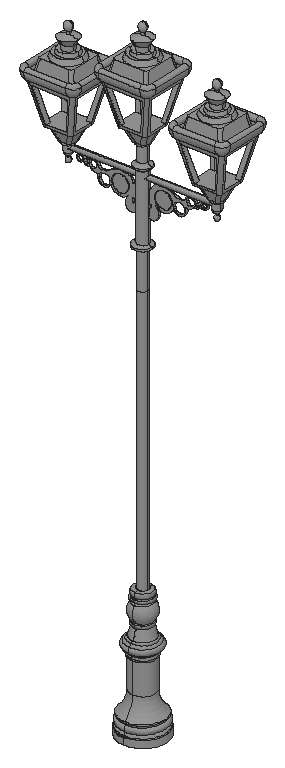
Revit family "Фонарь уличный «Адмирал - 3» со светильниками Арт 9813", category Антураж, Revit 2018
Family settings
  На основе рабочей плоскости = Нет
  Всегда вертикально = Да
  При загрузке вырезать с полостями = Нет
  Источник визуального образа = Геометрия семейства
  Общий = Нет
  Точка расчета площади = Нет
Parameters (values of type "Версия 4,0 м")
  Ширина = 360 mm  # constant formula
  Цвет основания = Сталь
  Описание = if([Версия 4,0 м], "Фонарь уличный «Адмирал - 3» со светильниками. Версия 4,0 м", if([Версия 4,5 м], "Фонарь уличный «Адмирал - 3» со светильниками. Версия 4,5 м", if([Версия 5,0 м], "Фонарь уличный «Адмирал - 3» со светильниками. Версия 5,0 м", if([Версия 5,5 м], "Фонарь уличный «Адмирал - 3» со светильниками. Версия 5,5 м", if([Версия 6,0 м], "Фонарь уличный «Адмирал - 3» со светильниками. Версия 6,0 м", "Фонарь уличный «Адмирал - 3» со светильниками. Версия 6,5 м")))))  # "Фонарь уличный «Адмирал - 3» со светильниками. Версия 4,0 м"
  Материал изделия = "Сталь, поликарбонат"  # constant formula
  Изображение типоразмера = Фонарь уличный «Адмирал - 3» со светильниками Арт 9813.jpg
  Изготовитель = "ООО «Хоббика»"  # constant formula
  Длина = 1300 mm  # constant formula
  Группа модели = "Светильники с чугунными опорами"  # constant formula
  Высота столба = Высота - 1500 mm  # 2500 mm
  Высота = if([Версия 4,0 м], 4000 mm, if([Версия 4,5 м], 4500 mm, if([Версия 5,0 м], 5000 mm, if([Версия 5,5 м], 5500 mm, if([Версия 6,0 м], 6000 mm, 6500 mm)))))  # 4000 mm
  Версия 6,0 м = no
  Версия 5,5 м = no
  Версия 5,0 м = no
  Версия 4,5 м = no
  Версия 4,0 м = yes
  Артикул товара = "Арт. 9813"  # constant formula
  URL = "https://hobbyka.ru/product/fonar_ulichnyy_admiral_3_so_svetilnikami/"
Reference planes
  plane 1 "По центру (Вперед/Назад)": y = 0
  plane 2: z = 0
  plane 3 "По центру (Влево/Вправо)": x = 0
  plane 4: x = 650
  plane 5: x = -650
  plane 6: y = 180
  plane 7: y = -180
  plane 8: z = 4000
Forms (mm)
  Extrusion 1, solid, material "Сталь" <- "Цвет основания"
    sketch origin (0, 0, 0) x (1, 0, 0) y (0, 1, 0)
      loop
        circle (0, 0) r 30
    from 814.824 to 2500 <- "Высота столба"
Dimensions and locks
  equal spacing: plane 6, plane 1 "По центру (Вперед/Назад)", plane 7
  "Ширина": plane 6 to plane 7
  equal spacing: plane 5, plane 3 "По центру (Влево/Вправо)", plane 4
  "Длина": plane 5 to plane 4
  "Высота": plane 8 to level
  aligned and locked: level to plane 2
  aligned and locked: plane 8 to nested 1
Automatic sketch dimensions
  Extrusion 1 sketch curve to Extrusion 1 sketch curve = 0 mm  (x2)
  plane 1 "По центру (Вперед/Назад)" to Extrusion 1 sketch curve = 0 mm
  Extrusion 1 sketch curve to plane 3 "По центру (Влево/Вправо)" = 0 mm
  Extrusion 1 sketch curve to plane 3 "По центру (Влево/Вправо)" = 30 mm
Nested families
  nested 1: "Фонарь уличный «Адмирал - 3» со светильниками Светильник" at (0, 0, 2677.626), type "Фонарь уличный «Адмирал - 3» со светильниками Светильник"
  nested 2: "Фонарь уличный «Адмирал - 1» со светильником Арт 7467 опора" at (0, 0, 0), type "Фонарь уличный «Адмирал - 1» со светильником Арт 7467 опора"
Definition of nested family "Фонарь уличный «Адмирал - 3» со светильниками Светильник"
  Parameters (values of type "Фонарь уличный «Адмирал - 3» со светильниками Светильник")
    Цвет каркаса = none
    Height = 0 mm
    Lkbyf = 1300 mm
  Reference planes
    plane 1 "По центру (Вперед/Назад)": y = 0
    plane 2: z = 0
    plane 3 "По центру (Влево/Вправо)": x = 0
    plane 4: x = -650
    plane 5: x = 650
    plane 6: z = 1322.374
  Forms (mm)
    Extrusion 1, solid, material <- "Цвет каркаса"
      sketch origin (-614.071, 0, 0) x (1, 0, 0) y (0, 1, 0)
        loop
          circle (147.289, 0) r 25
      from 434.753 to 484.979
    Sweep 2, solid, material <- "Цвет каркаса"
      path origin (0, 0, 0) x (1, 0, 0) y (0, 0, 1)
        loop
          line (-462.206, 459.979) -> (462.794, 459.979)
      profile origin (0.294, 0, 459.979) x (0, 0, 1) y (0, -1, 0)
        loop
          circle (0, 0) r 15
    Blend 3, solid, material <- "Цвет каркаса"
      base sketch origin (-94.071, 0, 0) x (1, 0, 0) y (0, 1, 0)
        loop
          arc (-442.711, 90) -> (-456.853, 84.142) -> (-462.711, 70) r 20
          line (-462.711, 70) -> (-462.711, -70)
          arc (-462.711, -70) -> (-456.853, -84.142) -> (-442.711, -90) r 20
          line (-442.711, -90) -> (-302.711, -90)
          arc (-302.711, -90) -> (-288.569, -84.142) -> (-282.711, -70) r 20
          line (-282.711, -70) -> (-282.711, 70)
          arc (-282.711, 70) -> (-288.569, 84.142) -> (-302.711, 90) r 20
          line (-302.711, 90) -> (-442.711, 90)
      top sketch origin (-94.071, 0, 0) x (1, 0, 0) y (0, 1, 0)
        loop
          arc (-502.711, 150) -> (-516.853, 144.142) -> (-522.711, 130) r 20
          line (-522.711, 130) -> (-522.711, -130)
          arc (-522.711, -130) -> (-516.853, -144.142) -> (-502.711, -150) r 20
          line (-502.711, -150) -> (-242.711, -150)
          arc (-242.711, -150) -> (-228.569, -144.142) -> (-222.711, -130) r 20
          line (-222.711, -130) -> (-222.711, 130)
          arc (-222.711, 130) -> (-228.569, 144.142) -> (-242.711, 150) r 20
          line (-242.711, 150) -> (-502.711, 150)
      from 580.468 to 847.079
    Extrusion 4, solid, material <- "Цвет каркаса"
      sketch origin (-94.071, 0, 0) x (1, 0, 0) y (0, 1, 0)
        loop
          circle (-372.711, 0) r 40
      from 484.979 to 496.04
    Blend 5, solid, material <- "Цвет каркаса"
      base sketch origin (-94.071, 0, 0) x (1, 0, 0) y (0, 1, 0)
        loop
          arc (-392.711, 40) -> (-406.853, 34.142) -> (-412.711, 20) r 20
          line (-412.711, 20) -> (-412.711, -20)
          arc (-412.711, -20) -> (-406.853, -34.142) -> (-392.711, -40) r 20
          line (-392.711, -40) -> (-352.711, -40)
          arc (-352.711, -40) -> (-338.569, -34.142) -> (-332.711, -20) r 20
          line (-332.711, -20) -> (-332.711, 20)
          arc (-332.711, 20) -> (-338.569, 34.142) -> (-352.711, 40) r 20
          line (-352.711, 40) -> (-392.711, 40)
      top sketch origin (-94.071, 0, 0) x (1, 0, 0) y (0, 1, 0)
        loop
          arc (-427.711, 75) -> (-441.853, 69.142) -> (-447.711, 55) r 20
          line (-447.711, 55) -> (-447.711, -55)
          arc (-447.711, -55) -> (-441.853, -69.142) -> (-427.711, -75) r 20
          line (-427.711, -75) -> (-317.711, -75)
          arc (-317.711, -75) -> (-303.569, -69.142) -> (-297.711, -55) r 20
          line (-297.711, -55) -> (-297.711, 55)
          arc (-297.711, 55) -> (-303.569, 69.142) -> (-317.711, 75) r 20
          line (-317.711, 75) -> (-427.711, 75)
      from 496.04 to 580.468
    Extrusion 6, void
      sketch origin (-94.071, 0, 0) x (1, 0, 0) y (0, 0, 1)
        loop
          line (-487.711, 824.979) -> (-437.711, 594.979) -> (-307.711, 594.979) -> (-257.711, 824.979) -> (-487.711, 824.979)
      from -150 to 150
    Extrusion 7, void
      sketch origin (-614.071, 520, 0) x (0, 1, 0) y (0, 0, 1)
        loop
          line (-635, 824.979) -> (-585, 594.979) -> (-455, 594.979) -> (-405, 824.979) -> (-635, 824.979)
      from -4.397 to 297.289
    Sweep 8, solid, material <- "Цвет каркаса"
      path origin (-94.071, 0, 0) x (1, 0, 0) y (0, 1, 0)
        loop
          line (-242.711, 150) -> (-502.711, 150)
          arc (-502.711, 150) -> (-516.853, 144.142) -> (-522.711, 130) r 20
          line (-522.711, 130) -> (-522.711, -130)
          arc (-522.711, -130) -> (-516.853, -144.142) -> (-502.711, -150) r 20
          line (-502.711, -150) -> (-242.711, -150)
          arc (-242.711, -150) -> (-228.569, -144.142) -> (-222.711, -130) r 20
          line (-222.711, -130) -> (-222.711, 130)
          arc (-222.711, 130) -> (-228.569, 144.142) -> (-242.711, 150) r 20
      profile origin (-616.781, 0, 0) x (1, 0, 0) y (0, 0, 1)
        loop
          arc (-33.219, 907.974) -> (-26.14, 872.327) -> (0, 847.079) r 60.827
          line (0, 847.079) -> (2.794, 847.079)
          arc (2.794, 847.079) -> (-9.841, 867.165) -> (-13.358, 890.634) r 57.9
          arc (-13.358, 890.634) -> (-4.209, 921.156) -> (-33.219, 907.974) r 17.5
    Blend 9, solid, material <- "Цвет каркаса"
      base sketch origin (-94.071, 0, 0) x (1, 0, 0) y (0, 1, 0)
        loop
          line (-257.711, 132.206) -> (-487.711, 132.206)
          arc (-487.711, 132.206) -> (-499.877, 127.166) -> (-504.916, 115) r 17.206
          line (-504.916, 115) -> (-504.916, -115)
          arc (-504.916, -115) -> (-499.877, -127.166) -> (-487.711, -132.206) r 17.206
          line (-487.711, -132.206) -> (-257.711, -132.206)
          arc (-257.711, -132.206) -> (-245.545, -127.166) -> (-240.505, -115) r 17.206
          line (-240.505, -115) -> (-240.505, 115)
          arc (-240.505, 115) -> (-245.545, 127.166) -> (-257.711, 132.206) r 17.206
      top sketch origin (-94.071, 0, 0) x (1, 0, 0) y (0, 1, 0)
        loop
          line (-282.711, 107.206) -> (-462.711, 107.206)
          arc (-462.711, 107.206) -> (-474.877, 102.166) -> (-479.916, 90) r 17.206
          line (-479.916, 90) -> (-479.916, -90)
          arc (-479.916, -90) -> (-474.877, -102.166) -> (-462.711, -107.206) r 17.206
          line (-462.711, -107.206) -> (-282.711, -107.206)
          arc (-282.711, -107.206) -> (-270.545, -102.166) -> (-265.505, -90) r 17.206
          line (-265.505, -90) -> (-265.505, 90)
          arc (-265.505, 90) -> (-270.545, 102.166) -> (-282.711, 107.206) r 17.206
      from 847.079 to 964.043
    Revolve 10, solid, material <- "Цвет каркаса"
      sketch origin (-94.071, 0, 0) x (1, 0, 0) y (0, 0, 1)
        loop
          line (-372.711, 1164.043) -> (-372.711, 964.043) -> (-274.108, 964.043) -> (-287.112, 989.887) -> (-307.112, 989.887) -> (-312.288, 1009.205) -> (-337.288, 1009.205) -> (-337.288, 1039.205) -> (-311.477, 1076.067) -> (-363.16, 1094.878) -> (-363.16, 1109.878)
          arc (-363.16, 1109.878) -> (-350.242, 1140.08) -> (-372.711, 1164.043) r 30.03
        axis (-372.711, 964.043) -> (-372.711, 1164.043)
      angle from 0 to 360
    Blend 11, solid, material <- "Цвет каркаса", not visible
      base sketch origin (0, 0, 0) x (1, 0, 0) y (0, 1, 0)
        loop
          arc (-590, 90) -> (-604.142, 84.142) -> (-610, 70) r 20
          line (-610, 70) -> (-610, -70)
          arc (-610, -70) -> (-604.142, -84.142) -> (-590, -90) r 20
          line (-590, -90) -> (-450, -90)
          arc (-450, -90) -> (-435.858, -84.142) -> (-430, -70) r 20
          line (-430, -70) -> (-430, 70)
          arc (-430, 70) -> (-435.858, 84.142) -> (-450, 90) r 20
          line (-450, 90) -> (-590, 90)
      top sketch origin (0, 0, 0) x (1, 0, 0) y (0, 1, 0)
        loop
          arc (-650, 150) -> (-664.142, 144.142) -> (-670, 130) r 20
          line (-670, 130) -> (-670, -130)
          arc (-670, -130) -> (-664.142, -144.142) -> (-650, -150) r 20
          line (-650, -150) -> (-390, -150)
          arc (-390, -150) -> (-375.858, -144.142) -> (-370, -130) r 20
          line (-370, -130) -> (-370, 130)
          arc (-370, 130) -> (-375.858, 144.142) -> (-390, 150) r 20
          line (-390, 150) -> (-650, 150)
      from 580.468 to 847.079
    Extrusion 12, solid, material <- "Цвет каркаса", not visible
      sketch origin (0, 0, 0) x (1, 0, 0) y (0, 1, 0)
        loop
          circle (-520, 0) r 40
      from 484.979 to 496.04
    Blend 13, solid, material <- "Цвет каркаса", not visible
      base sketch origin (0, 0, 0) x (1, 0, 0) y (0, 1, 0)
        loop
          arc (-540, 40) -> (-554.142, 34.142) -> (-560, 20) r 20
          line (-560, 20) -> (-560, -20)
          arc (-560, -20) -> (-554.142, -34.142) -> (-540, -40) r 20
          line (-540, -40) -> (-500, -40)
          arc (-500, -40) -> (-485.858, -34.142) -> (-480, -20) r 20
          line (-480, -20) -> (-480, 20)
          arc (-480, 20) -> (-485.858, 34.142) -> (-500, 40) r 20
          line (-500, 40) -> (-540, 40)
      top sketch origin (0, 0, 0) x (1, 0, 0) y (0, 1, 0)
        loop
          arc (-575, 75) -> (-589.142, 69.142) -> (-595, 55) r 20
          line (-595, 55) -> (-595, -55)
          arc (-595, -55) -> (-589.142, -69.142) -> (-575, -75) r 20
          line (-575, -75) -> (-465, -75)
          arc (-465, -75) -> (-450.858, -69.142) -> (-445, -55) r 20
          line (-445, -55) -> (-445, 55)
          arc (-445, 55) -> (-450.858, 69.142) -> (-465, 75) r 20
          line (-465, 75) -> (-575, 75)
      from 496.04 to 580.468
    Extrusion 14, void, not visible
      sketch origin (0, 0, 0) x (1, 0, 0) y (0, 0, 1)
        loop
          line (-635, 824.979) -> (-585, 594.979) -> (-455, 594.979) -> (-405, 824.979) -> (-635, 824.979)
      from -150 to 150
    Extrusion 15, void, not visible
      sketch origin (-520, 520, 0) x (0, 1, 0) y (0, 0, 1)
        loop
          line (-635, 824.979) -> (-585, 594.979) -> (-455, 594.979) -> (-405, 824.979) -> (-635, 824.979)
      from -150 to 150
    Sweep 16, solid, material <- "Цвет каркаса", not visible
      path origin (0, 0, 0) x (1, 0, 0) y (0, 1, 0)
        loop
          line (-390, 150) -> (-650, 150)
          arc (-650, 150) -> (-664.142, 144.142) -> (-670, 130) r 20
          line (-670, 130) -> (-670, -130)
          arc (-670, -130) -> (-664.142, -144.142) -> (-650, -150) r 20
          line (-650, -150) -> (-390, -150)
          arc (-390, -150) -> (-375.858, -144.142) -> (-370, -130) r 20
          line (-370, -130) -> (-370, 130)
          arc (-370, 130) -> (-375.858, 144.142) -> (-390, 150) r 20
      profile origin (-670, 0, 0) x (1, 0, 0) y (0, 0, 1)
        loop
          arc (-33.219, 907.974) -> (-26.14, 872.327) -> (0, 847.079) r 60.827
          line (0, 847.079) -> (2.794, 847.079)
          arc (2.794, 847.079) -> (-9.841, 867.165) -> (-13.358, 890.634) r 57.9
          arc (-13.358, 890.634) -> (-4.209, 921.156) -> (-33.219, 907.974) r 17.5
    Blend 17, solid, material <- "Цвет каркаса", not visible
      base sketch origin (0, 0, 0) x (1, 0, 0) y (0, 1, 0)
        loop
          line (-405, 132.206) -> (-635, 132.206)
          arc (-635, 132.206) -> (-647.166, 127.166) -> (-652.206, 115) r 17.206
          line (-652.206, 115) -> (-652.206, -115)
          arc (-652.206, -115) -> (-647.166, -127.166) -> (-635, -132.206) r 17.206
          line (-635, -132.206) -> (-405, -132.206)
          arc (-405, -132.206) -> (-392.834, -127.166) -> (-387.794, -115) r 17.206
          line (-387.794, -115) -> (-387.794, 115)
          arc (-387.794, 115) -> (-392.834, 127.166) -> (-405, 132.206) r 17.206
      top sketch origin (0, 0, 0) x (1, 0, 0) y (0, 1, 0)
        loop
          line (-430, 107.206) -> (-610, 107.206)
          arc (-610, 107.206) -> (-622.166, 102.166) -> (-627.206, 90) r 17.206
          line (-627.206, 90) -> (-627.206, -90)
          arc (-627.206, -90) -> (-622.166, -102.166) -> (-610, -107.206) r 17.206
          line (-610, -107.206) -> (-430, -107.206)
          arc (-430, -107.206) -> (-417.834, -102.166) -> (-412.794, -90) r 17.206
          line (-412.794, -90) -> (-412.794, 90)
          arc (-412.794, 90) -> (-417.834, 102.166) -> (-430, 107.206) r 17.206
      from 847.079 to 964.043
    Revolve 18, solid, material <- "Цвет каркаса", not visible
      sketch origin (0, 0, 0) x (1, 0, 0) y (0, 0, 1)
        loop
          line (-520, 1164.043) -> (-520, 964.043) -> (-421.397, 964.043) -> (-434.401, 989.887) -> (-454.401, 989.887) -> (-459.577, 1009.205) -> (-484.577, 1009.205) -> (-484.577, 1039.205) -> (-458.766, 1076.067) -> (-510.449, 1094.878) -> (-510.449, 1109.878)
          arc (-510.449, 1109.878) -> (-497.531, 1140.08) -> (-520, 1164.043) r 30.03
        axis (-520, 964.043) -> (-520, 1164.043)
      angle from 0 to 360
    Blend 19, solid, material <- "Цвет каркаса"
      base sketch origin (520, 0, 158.332) x (1, 0, 0) y (0, 1, 0)
        loop
          arc (-590, 90) -> (-604.142, 84.142) -> (-610, 70) r 20
          line (-610, 70) -> (-610, -70)
          arc (-610, -70) -> (-604.142, -84.142) -> (-590, -90) r 20
          line (-590, -90) -> (-450, -90)
          arc (-450, -90) -> (-435.858, -84.142) -> (-430, -70) r 20
          line (-430, -70) -> (-430, 70)
          arc (-430, 70) -> (-435.858, 84.142) -> (-450, 90) r 20
          line (-450, 90) -> (-590, 90)
      top sketch origin (520, 0, 158.332) x (1, 0, 0) y (0, 1, 0)
        loop
          arc (-650, 150) -> (-664.142, 144.142) -> (-670, 130) r 20
          line (-670, 130) -> (-670, -130)
          arc (-670, -130) -> (-664.142, -144.142) -> (-650, -150) r 20
          line (-650, -150) -> (-390, -150)
          arc (-390, -150) -> (-375.858, -144.142) -> (-370, -130) r 20
          line (-370, -130) -> (-370, 130)
          arc (-370, 130) -> (-375.858, 144.142) -> (-390, 150) r 20
          line (-390, 150) -> (-650, 150)
      from 580.468 to 847.079
    Extrusion 20, solid, material <- "Цвет каркаса"
      sketch origin (520, 0, 158.332) x (1, 0, 0) y (0, 1, 0)
        loop
          circle (-520, 0) r 40
      from 484.979 to 496.04
    Blend 21, solid, material <- "Цвет каркаса"
      base sketch origin (520, 0, 158.332) x (1, 0, 0) y (0, 1, 0)
        loop
          arc (-540, 40) -> (-554.142, 34.142) -> (-560, 20) r 20
          line (-560, 20) -> (-560, -20)
          arc (-560, -20) -> (-554.142, -34.142) -> (-540, -40) r 20
          line (-540, -40) -> (-500, -40)
          arc (-500, -40) -> (-485.858, -34.142) -> (-480, -20) r 20
          line (-480, -20) -> (-480, 20)
          arc (-480, 20) -> (-485.858, 34.142) -> (-500, 40) r 20
          line (-500, 40) -> (-540, 40)
      top sketch origin (520, 0, 158.332) x (1, 0, 0) y (0, 1, 0)
        loop
          arc (-575, 75) -> (-589.142, 69.142) -> (-595, 55) r 20
          line (-595, 55) -> (-595, -55)
          arc (-595, -55) -> (-589.142, -69.142) -> (-575, -75) r 20
          line (-575, -75) -> (-465, -75)
          arc (-465, -75) -> (-450.858, -69.142) -> (-445, -55) r 20
          line (-445, -55) -> (-445, 55)
          arc (-445, 55) -> (-450.858, 69.142) -> (-465, 75) r 20
          line (-465, 75) -> (-575, 75)
      from 496.04 to 580.468
    Extrusion 22, void
      sketch origin (520, 0, 158.332) x (1, 0, 0) y (0, 0, 1)
        loop
          line (-635, 824.979) -> (-585, 594.979) -> (-455, 594.979) -> (-405, 824.979) -> (-635, 824.979)
      from -150 to 150
    Extrusion 23, void
      sketch origin (0, 520, 158.332) x (0, 1, 0) y (0, 0, 1)
        loop
          line (-635, 824.979) -> (-585, 594.979) -> (-455, 594.979) -> (-405, 824.979) -> (-635, 824.979)
      from -150 to 150
    Sweep 24, solid, material <- "Цвет каркаса"
      path origin (520, 0, 158.332) x (1, 0, 0) y (0, 1, 0)
        loop
          line (-390, 150) -> (-650, 150)
          arc (-650, 150) -> (-664.142, 144.142) -> (-670, 130) r 20
          line (-670, 130) -> (-670, -130)
          arc (-670, -130) -> (-664.142, -144.142) -> (-650, -150) r 20
          line (-650, -150) -> (-390, -150)
          arc (-390, -150) -> (-375.858, -144.142) -> (-370, -130) r 20
          line (-370, -130) -> (-370, 130)
          arc (-370, 130) -> (-375.858, 144.142) -> (-390, 150) r 20
      profile origin (-150, 0, 158.332) x (1, 0, 0) y (0, 0, 1)
        loop
          arc (-33.219, 907.974) -> (-26.14, 872.327) -> (0, 847.079) r 60.827
          line (0, 847.079) -> (2.794, 847.079)
          arc (2.794, 847.079) -> (-9.841, 867.165) -> (-13.358, 890.634) r 57.9
          arc (-13.358, 890.634) -> (-4.209, 921.156) -> (-33.219, 907.974) r 17.5
    Blend 25, solid, material <- "Цвет каркаса"
      base sketch origin (520, 0, 158.332) x (1, 0, 0) y (0, 1, 0)
        loop
          line (-405, 132.206) -> (-635, 132.206)
          arc (-635, 132.206) -> (-647.166, 127.166) -> (-652.206, 115) r 17.206
          line (-652.206, 115) -> (-652.206, -115)
          arc (-652.206, -115) -> (-647.166, -127.166) -> (-635, -132.206) r 17.206
          line (-635, -132.206) -> (-405, -132.206)
          arc (-405, -132.206) -> (-392.834, -127.166) -> (-387.794, -115) r 17.206
          line (-387.794, -115) -> (-387.794, 115)
          arc (-387.794, 115) -> (-392.834, 127.166) -> (-405, 132.206) r 17.206
      top sketch origin (520, 0, 158.332) x (1, 0, 0) y (0, 1, 0)
        loop
          line (-430, 107.206) -> (-610, 107.206)
          arc (-610, 107.206) -> (-622.166, 102.166) -> (-627.206, 90) r 17.206
          line (-627.206, 90) -> (-627.206, -90)
          arc (-627.206, -90) -> (-622.166, -102.166) -> (-610, -107.206) r 17.206
          line (-610, -107.206) -> (-430, -107.206)
          arc (-430, -107.206) -> (-417.834, -102.166) -> (-412.794, -90) r 17.206
          line (-412.794, -90) -> (-412.794, 90)
          arc (-412.794, 90) -> (-417.834, 102.166) -> (-430, 107.206) r 17.206
      from 847.079 to 964.043
    Revolve 26, solid, material <- "Цвет каркаса"
      sketch origin (520, 0, 158.332) x (1, 0, 0) y (0, 0, 1)
        loop
          line (-520, 1164.043) -> (-520, 964.043) -> (-421.397, 964.043) -> (-434.401, 989.887) -> (-454.401, 989.887) -> (-459.577, 1009.205) -> (-484.577, 1009.205) -> (-484.577, 1039.205) -> (-458.766, 1076.067) -> (-510.449, 1094.878) -> (-510.449, 1109.878)
          arc (-510.449, 1109.878) -> (-497.531, 1140.08) -> (-520, 1164.043) r 30.03
        axis (-520, 964.043) -> (-520, 1164.043)
      angle from 0 to 360
    Revolve 27, solid, material <- "Цвет каркаса"
      sketch origin (0, 0, 0) x (1, 0, 0) y (0, 0, 1)
        loop
          arc (-470.568, 399.267) -> (-481.659, 382.844) -> (-466.781, 369.753) r 15
          line (-466.781, 369.753) -> (-466.781, 434.753) -> (-491.781, 434.753)
          arc (-491.781, 434.753) -> (-485.568, 419.753) -> (-470.568, 413.539) r 21.213
          line (-470.568, 413.539) -> (-470.568, 399.267)
        axis (-466.781, 434.753) -> (-466.781, 369.753)
      angle from 0 to 360
    Revolve 28, solid, material <- "Цвет каркаса"
      sketch origin (0, 0, 0) x (1, 0, 0) y (0, 0, 1)
        loop
          line (-30, -177.626) -> (0, -177.626) -> (0, 643.31) -> (-30, 643.31) -> (-30, 545.362)
          arc (-30, 545.362) -> (-37.249, 527.862) -> (-54.749, 520.613) r 24.749
          line (-54.749, 520.613) -> (-54.749, 515.613)
          arc (-54.749, 515.613) -> (-42.57, 510.681) -> (-35.598, 499.544) r 21.317
          line (-35.598, 499.544) -> (-35.598, 84.544)
          arc (-35.598, 84.544) -> (-46.312, 75.973) -> (-59.92, 74.219) r 25.42
          line (-59.92, 74.219) -> (-59.92, 64.219)
          arc (-59.92, 64.219) -> (-42.772, 59.682) -> (-30, 47.373) r 35.281
          line (-30, 47.373) -> (-30, -177.626)
        axis (0, 643.31) -> (0, -177.626)
      angle from 0 to 360
    Extrusion 29, solid, material <- "Цвет каркаса"
      sketch origin (0, 0, 0) x (1, 0, 0) y (0, 0, 1)
        loop
          arc (-408.924, 430.815) -> (-395.401, 403.924) -> (-368.51, 417.446) r 21.284
          arc (-368.51, 417.446) -> (-353.612, 396.664) -> (-328.064, 397.72) r 26.91
          arc (-328.064, 397.72) -> (-304.026, 377.952) -> (-273.251, 373.315) r 58.48
          arc (-273.251, 373.315) -> (-269.786, 333.833) -> (-235.126, 314.608) r 42.233
          arc (-235.126, 314.608) -> (-212.498, 321.52) -> (-198.265, 340.419) r 38.251
          arc (-198.265, 340.419) -> (-147.626, 299.585) -> (-85.377, 318.476) r 69.551
          arc (-85.377, 318.476) -> (-100.568, 294.74) -> (-104.189, 266.793) r 64.501
          arc (-104.189, 266.793) -> (-78.462, 234.004) -> (-38.002, 244.003) r 38.383
          arc (-38.002, 244.003) -> (-32.758, 273.388) -> (-57.539, 290.029) r 27.316
          line (-57.539, 290.029) -> (-57.539, 315.029) -> (-37.539, 315.029) -> (-37.539, 400.029) -> (-57.539, 400.029)
          arc (-57.539, 400.029) -> (-77.893, 430.19) -> (-112.285, 442.076) r 57.457
          arc (-112.285, 442.076) -> (-157.343, 436.785) -> (-199.611, 420.303) r 178.453
          arc (-199.611, 420.303) -> (-220.175, 411.017) -> (-241.897, 404.912) r 150.366
          arc (-241.897, 404.912) -> (-259.299, 406.332) -> (-273.282, 416.786) r 31.559
          arc (-273.282, 416.786) -> (-303.149, 448.308) -> (-338.035, 422.451) r 32.738
          arc (-338.035, 422.451) -> (-357.056, 427.727) -> (-368.127, 444.071) r 28.595
          arc (-368.127, 444.071) -> (-391.88, 447.768) -> (-408.924, 430.815) r 26.614
        loop
          circle (-134.355, 367.859) r 56.087
        loop
          circle (-134.355, 367.859) r 50
        loop
          circle (-234.366, 356.835) r 35
        loop
          circle (-306.002, 415.695) r 25
        loop
          circle (-388.717, 424.131) r 18.11
        loop
          arc (-363.067, 426.181) -> (-355.628, 403.842) -> (-332.237, 401.145) r 21.91
          arc (-332.237, 401.145) -> (-335.275, 409.131) -> (-335.938, 417.649) r 30
          arc (-335.938, 417.649) -> (-350.45, 418.902) -> (-363.067, 426.181) r 33.595
      from 5 to -5
    Extrusion 30, solid, material <- "Цвет каркаса"
      sketch origin (614.071, 0, 0) x (-1, 0, 0) y (0, -1, 0)
        loop
          circle (147.289, 0) r 25
      from 434.753 to 484.979
    Blend 31, solid, material <- "Цвет каркаса"
      base sketch origin (94.071, 0, 0) x (-1, 0, 0) y (0, -1, 0)
        loop
          line (-442.711, -90) -> (-302.711, -90)
          arc (-302.711, -90) -> (-288.569, -84.142) -> (-282.711, -70) r 20
          line (-282.711, -70) -> (-282.711, 70)
          arc (-282.711, 70) -> (-288.569, 84.142) -> (-302.711, 90) r 20
          line (-302.711, 90) -> (-442.711, 90)
          arc (-442.711, 90) -> (-456.853, 84.142) -> (-462.711, 70) r 20
          line (-462.711, 70) -> (-462.711, -70)
          arc (-462.711, -70) -> (-456.853, -84.142) -> (-442.711, -90) r 20
      top sketch origin (94.071, 0, 0) x (-1, 0, 0) y (0, -1, 0)
        loop
          line (-502.711, -150) -> (-242.711, -150)
          arc (-242.711, -150) -> (-228.569, -144.142) -> (-222.711, -130) r 20
          line (-222.711, -130) -> (-222.711, 130)
          arc (-222.711, 130) -> (-228.569, 144.142) -> (-242.711, 150) r 20
          line (-242.711, 150) -> (-502.711, 150)
          arc (-502.711, 150) -> (-516.853, 144.142) -> (-522.711, 130) r 20
          line (-522.711, 130) -> (-522.711, -130)
          arc (-522.711, -130) -> (-516.853, -144.142) -> (-502.711, -150) r 20
      from 580.468 to 847.079
    Extrusion 32, solid, material <- "Цвет каркаса"
      sketch origin (94.071, 0, 0) x (-1, 0, 0) y (0, -1, 0)
        loop
          circle (-372.711, 0) r 40
      from 484.979 to 496.04
    Blend 33, solid, material <- "Цвет каркаса"
      base sketch origin (94.071, 0, 0) x (-1, 0, 0) y (0, -1, 0)
        loop
          line (-392.711, -40) -> (-352.711, -40)
          arc (-352.711, -40) -> (-338.569, -34.142) -> (-332.711, -20) r 20
          line (-332.711, -20) -> (-332.711, 20)
          arc (-332.711, 20) -> (-338.569, 34.142) -> (-352.711, 40) r 20
          line (-352.711, 40) -> (-392.711, 40)
          arc (-392.711, 40) -> (-406.853, 34.142) -> (-412.711, 20) r 20
          line (-412.711, 20) -> (-412.711, -20)
          arc (-412.711, -20) -> (-406.853, -34.142) -> (-392.711, -40) r 20
      top sketch origin (94.071, 0, 0) x (-1, 0, 0) y (0, -1, 0)
        loop
          line (-427.711, -75) -> (-317.711, -75)
          arc (-317.711, -75) -> (-303.569, -69.142) -> (-297.711, -55) r 20
          line (-297.711, -55) -> (-297.711, 55)
          arc (-297.711, 55) -> (-303.569, 69.142) -> (-317.711, 75) r 20
          line (-317.711, 75) -> (-427.711, 75)
          arc (-427.711, 75) -> (-441.853, 69.142) -> (-447.711, 55) r 20
          line (-447.711, 55) -> (-447.711, -55)
          arc (-447.711, -55) -> (-441.853, -69.142) -> (-427.711, -75) r 20
      from 496.04 to 580.468
    Extrusion 34, void
      sketch origin (94.071, 0, 0) x (-1, 0, 0) y (0, 0, -1)
        loop
          line (-487.711, -824.979) -> (-257.711, -824.979) -> (-307.711, -594.979) -> (-437.711, -594.979) -> (-487.711, -824.979)
      from -150 to 150
    Extrusion 35, void
      sketch origin (614.071, 520, 0) x (0, 1, 0) y (0, 0, -1)
        loop
          line (-635, -824.979) -> (-405, -824.979) -> (-455, -594.979) -> (-585, -594.979) -> (-635, -824.979)
      from -4.397 to 297.289
    Sweep 36, solid, material <- "Цвет каркаса"
      path origin (94.071, 0, 0) x (-1, 0, 0) y (0, 1, 0)
        loop
          line (-242.711, 150) -> (-502.711, 150)
          arc (-502.711, 150) -> (-516.853, 144.142) -> (-522.711, 130) r 20
          line (-522.711, 130) -> (-522.711, -130)
          arc (-522.711, -130) -> (-516.853, -144.142) -> (-502.711, -150) r 20
          line (-502.711, -150) -> (-242.711, -150)
          arc (-242.711, -150) -> (-228.569, -144.142) -> (-222.711, -130) r 20
          line (-222.711, -130) -> (-222.711, 130)
          arc (-222.711, 130) -> (-228.569, 144.142) -> (-242.711, 150) r 20
      profile origin (616.781, 0, 0) x (1, 0, 0) y (0, 0, 1)
        loop
          arc (33.219, 907.974) -> (4.209, 921.156) -> (13.358, 890.634) r 17.5
          arc (13.358, 890.634) -> (9.841, 867.165) -> (-2.794, 847.079) r 57.9
          line (-2.794, 847.079) -> (0, 847.079)
          arc (0, 847.079) -> (26.14, 872.327) -> (33.219, 907.974) r 60.827
    Blend 37, solid, material <- "Цвет каркаса"
      base sketch origin (94.071, 0, 0) x (-1, 0, 0) y (0, -1, 0)
        loop
          arc (-257.711, -132.206) -> (-245.545, -127.166) -> (-240.505, -115) r 17.206
          line (-240.505, -115) -> (-240.505, 115)
          arc (-240.505, 115) -> (-245.545, 127.166) -> (-257.711, 132.206) r 17.206
          line (-257.711, 132.206) -> (-487.711, 132.206)
          arc (-487.711, 132.206) -> (-499.877, 127.166) -> (-504.916, 115) r 17.206
          line (-504.916, 115) -> (-504.916, -115)
          arc (-504.916, -115) -> (-499.877, -127.166) -> (-487.711, -132.206) r 17.206
          line (-487.711, -132.206) -> (-257.711, -132.206)
      top sketch origin (94.071, 0, 0) x (-1, 0, 0) y (0, -1, 0)
        loop
          arc (-282.711, -107.206) -> (-270.545, -102.166) -> (-265.505, -90) r 17.206
          line (-265.505, -90) -> (-265.505, 90)
          arc (-265.505, 90) -> (-270.545, 102.166) -> (-282.711, 107.206) r 17.206
          line (-282.711, 107.206) -> (-462.711, 107.206)
          arc (-462.711, 107.206) -> (-474.877, 102.166) -> (-479.916, 90) r 17.206
          line (-479.916, 90) -> (-479.916, -90)
          arc (-479.916, -90) -> (-474.877, -102.166) -> (-462.711, -107.206) r 17.206
          line (-462.711, -107.206) -> (-282.711, -107.206)
      from 847.079 to 964.043
    Revolve 38, solid, material <- "Цвет каркаса"
      sketch origin (94.071, 0, 0) x (-1, 0, 0) y (0, 0, 1)
        loop
          line (-372.711, 1164.043) -> (-372.711, 964.043) -> (-274.108, 964.043) -> (-287.112, 989.887) -> (-307.112, 989.887) -> (-312.288, 1009.205) -> (-337.288, 1009.205) -> (-337.288, 1039.205) -> (-311.477, 1076.067) -> (-363.16, 1094.878) -> (-363.16, 1109.878)
          arc (-363.16, 1109.878) -> (-350.242, 1140.08) -> (-372.711, 1164.043) r 30.03
        axis (-372.711, 964.043) -> (-372.711, 1164.043)
      angle from 0 to 360
    Revolve 39, solid, material <- "Цвет каркаса"
      sketch origin (0, 0, 0) x (-1, 0, 0) y (0, 0, 1)
        loop
          arc (-470.568, 399.267) -> (-481.659, 382.844) -> (-466.781, 369.753) r 15
          line (-466.781, 369.753) -> (-466.781, 434.753) -> (-491.781, 434.753)
          arc (-491.781, 434.753) -> (-485.568, 419.753) -> (-470.568, 413.539) r 21.213
          line (-470.568, 413.539) -> (-470.568, 399.267)
        axis (-466.781, 434.753) -> (-466.781, 369.753)
      angle from 0 to 360
    Extrusion 40, solid, material <- "Цвет каркаса"
      sketch origin (0, 0, 0) x (-1, 0, 0) y (0, 0, -1)
        loop
          arc (-408.924, -430.815) -> (-391.88, -447.768) -> (-368.127, -444.071) r 26.614
          arc (-368.127, -444.071) -> (-357.056, -427.727) -> (-338.035, -422.451) r 28.595
          arc (-338.035, -422.451) -> (-303.149, -448.308) -> (-273.282, -416.786) r 32.738
          arc (-273.282, -416.786) -> (-259.299, -406.332) -> (-241.897, -404.912) r 31.559
          arc (-241.897, -404.912) -> (-220.175, -411.017) -> (-199.611, -420.303) r 150.366
          arc (-199.611, -420.303) -> (-157.343, -436.785) -> (-112.285, -442.076) r 178.453
          arc (-112.285, -442.076) -> (-77.893, -430.19) -> (-57.539, -400.029) r 57.457
          line (-57.539, -400.029) -> (-37.539, -400.029) -> (-37.539, -315.029) -> (-57.539, -315.029) -> (-57.539, -290.029)
          arc (-57.539, -290.029) -> (-32.758, -273.388) -> (-38.002, -244.003) r 27.316
          arc (-38.002, -244.003) -> (-78.462, -234.004) -> (-104.189, -266.793) r 38.383
          arc (-104.189, -266.793) -> (-100.568, -294.74) -> (-85.377, -318.476) r 64.501
          arc (-85.377, -318.476) -> (-147.626, -299.585) -> (-198.265, -340.419) r 69.551
          arc (-198.265, -340.419) -> (-212.498, -321.52) -> (-235.126, -314.608) r 38.251
          arc (-235.126, -314.608) -> (-269.786, -333.833) -> (-273.251, -373.315) r 42.233
          arc (-273.251, -373.315) -> (-304.026, -377.952) -> (-328.064, -397.72) r 58.48
          arc (-328.064, -397.72) -> (-353.612, -396.664) -> (-368.51, -417.446) r 26.91
          arc (-368.51, -417.446) -> (-395.401, -403.924) -> (-408.924, -430.815) r 21.284
        loop
          circle (-134.355, -367.859) r 56.087
        loop
          circle (-134.355, -367.859) r 50
        loop
          circle (-234.366, -356.835) r 35
        loop
          circle (-306.002, -415.695) r 25
        loop
          circle (-388.717, -424.131) r 18.11
        loop
          arc (-363.067, -426.181) -> (-350.45, -418.902) -> (-335.938, -417.649) r 33.595
          arc (-335.938, -417.649) -> (-335.275, -409.131) -> (-332.237, -401.145) r 30
          arc (-332.237, -401.145) -> (-355.628, -403.842) -> (-363.067, -426.181) r 21.91
      from 5 to -5
  Cuts and joins
    Extrusion 6, Extrusion 7, Extrusion 22, Extrusion 23, Extrusion 34, Extrusion 35 cuts Blend 3
    Extrusion 22, Extrusion 23 cuts Blend 19
    Extrusion 34, Extrusion 35 cuts Blend 31
  Dimensions and locks
    equal spacing: plane 5, plane 3 "По центру (Влево/Вправо)", plane 4
    "Lkbyf": plane 5 to plane 4
    aligned and locked: level to plane 2
  Automatic sketch dimensions
    plane 1 "По центру (Вперед/Назад)" to Extrusion 1 sketch curve = 0 mm
    plane 4 to Extrusion 1 sketch curve = 183.219 mm
    plane 4 to Sweep 2 sketch curve = 187.794 mm
    Sweep 2 sketch curve to plane 5 = 187.206 mm
    level to Sweep 2 sketch curve = 459.979 mm
    Sweep 2 sketch curve to plane 1 "По центру (Вперед/Назад)" = 0 mm
    profile plane to Sweep 2 sketch curve = 0 mm
    plane 4 to Blend 3 sketch curve = 93.219 mm
    Blend 3 sketch curve to Blend 3 sketch curve = 20 mm  (x6)
    plane 1 "По центру (Вперед/Назад)" to Blend 3 sketch curve = 90 mm
    Blend 3 sketch curve to Blend 3 sketch curve = 140 mm  (x2)
    Blend 3 sketch curve to plane 1 "По центру (Вперед/Назад)" = 70 mm
    plane 4 to Blend 3 sketch curve = 33.219 mm
    Blend 3 sketch curve to Blend 3 sketch curve = 260 mm
    Blend 3 sketch curve to Blend 3 sketch curve = 0 mm
    plane 1 "По центру (Вперед/Назад)" to Blend 3 sketch curve = 150 mm
    Blend 3 sketch curve to plane 1 "По центру (Вперед/Назад)" = 130 mm
    plane 1 "По центру (Вперед/Назад)" to Extrusion 4 sketch curve = 0 mm
    plane 4 to Extrusion 4 sketch curve = 183.219 mm
    plane 1 "По центру (Вперед/Назад)" to Blend 5 sketch curve = 20 mm
    plane 4 to Blend 5 sketch curve = 143.219 mm
    Blend 5 sketch curve to Blend 5 sketch curve = 20 mm  (x6)
    Blend 5 sketch curve to Blend 5 sketch curve = 40 mm  (x2)
    Blend 5 sketch curve to plane 1 "По центру (Вперед/Назад)" = 20 mm
    plane 4 to Blend 5 sketch curve = 108.219 mm
    Blend 5 sketch curve to Blend 5 sketch curve = 110 mm
    Blend 5 sketch curve to Blend 5 sketch curve = 0 mm
    plane 1 "По центру (Вперед/Назад)" to Blend 5 sketch curve = 75 mm
    Blend 5 sketch curve to plane 1 "По центру (Вперед/Назад)" = 55 mm
    plane 4 to Extrusion 6 sketch curve = 68.219 mm
    plane 4 to Extrusion 6 sketch curve = 118.219 mm
    Extrusion 6 sketch curve to Extrusion 6 sketch curve = 130 mm
    Extrusion 6 sketch curve to Extrusion 6 sketch curve = 230 mm  (x2)
    level to Extrusion 6 sketch curve = 594.979 mm
    plane 1 "По центру (Вперед/Назад)" to Extrusion 7 sketch curve = 115 mm
    plane 1 "По центру (Вперед/Назад)" to Extrusion 7 sketch curve = 65 mm
    Extrusion 7 sketch curve to plane 1 "По центру (Вперед/Назад)" = 65 mm
    Extrusion 7 sketch curve to plane 1 "По центру (Вперед/Назад)" = 115 mm
    level to Extrusion 7 sketch curve = 594.979 mm
    Extrusion 7 sketch curve to Extrusion 7 sketch curve = 230 mm
    plane 4 to Sweep 8 sketch curve = 33.219 mm
    Sweep 8 sketch curve to Sweep 8 sketch curve = 20 mm  (x3)
    Sweep 8 sketch curve to plane 1 "По центру (Вперед/Назад)" = 150 mm
    Sweep 8 sketch curve to Sweep 8 sketch curve = 260 mm  (x2)
    plane 1 "По центру (Вперед/Назад)" to Sweep 8 sketch curve = 150 mm
    profile plane to Sweep 8 sketch curve = 0 mm
    profile plane to Sweep 8 sketch curve = 15.719 mm
    Sweep 8 sketch curve to profile plane = 2.794 mm
    Sweep 8 sketch curve to profile plane = 27.258 mm
    Sweep 8 sketch curve to Sweep 8 sketch curve = 17.188 mm
    level to Sweep 8 sketch curve = 847.079 mm
    Sweep 8 sketch curve to Sweep 8 sketch curve = 40.219 mm
    Sweep 8 sketch curve to Sweep 8 sketch curve = 14.158 mm
    Sweep 8 sketch curve to Sweep 8 sketch curve = 6.518 mm
    plane 4 to Blend 9 sketch curve = 51.013 mm
    Blend 9 sketch curve to Blend 9 sketch curve = 17.206 mm  (x6)
    Blend 9 sketch curve to plane 1 "По центру (Вперед/Назад)" = 132.206 mm
    Blend 9 sketch curve to Blend 9 sketch curve = 230 mm  (x2)
    plane 1 "По центру (Вперед/Назад)" to Blend 9 sketch curve = 132.206 mm
    plane 4 to Blend 9 sketch curve = 76.013 mm
    Blend 9 sketch curve to Blend 9 sketch curve = 180 mm  (x2)
    plane 1 "По центру (Вперед/Назад)" to Blend 9 sketch curve = 90 mm
    Blend 9 sketch curve to plane 1 "По центру (Вперед/Назад)" = 90 mm
    plane 4 to Revolve 10 sketch curve = 176.114 mm
    Revolve 10 sketch curve to Revolve 10 sketch curve = 7.105 mm
    Revolve 10 sketch curve to Revolve 10 sketch curve = 16.655 mm
    Revolve 10 sketch curve to Revolve 10 sketch curve = 25.872 mm
    Revolve 10 sketch curve to Revolve 10 sketch curve = 25 mm
    Revolve 10 sketch curve to Revolve 10 sketch curve = 25.811 mm
    Revolve 10 sketch curve to Revolve 10 sketch curve = 5.176 mm
    Revolve 10 sketch curve to Revolve 10 sketch curve = 20 mm
    Revolve 10 sketch curve to Revolve 10 sketch curve = 13.004 mm
    Revolve 10 sketch curve to Revolve 10 sketch curve = 25.844 mm
    Revolve 10 sketch curve to Revolve 10 sketch curve = 19.319 mm
    Revolve 10 sketch curve to Revolve 10 sketch curve = 30 mm  (x2)
    Revolve 10 sketch curve to Revolve 10 sketch curve = 36.862 mm
    Revolve 10 sketch curve to Revolve 10 sketch curve = 18.811 mm
    Revolve 10 sketch curve to Revolve 10 sketch curve = 15 mm
    Revolve 10 sketch curve to Revolve 10 sketch curve = 24.987 mm
    Revolve 10 sketch curve to Revolve 10 sketch curve = 0 mm  (x2)
    Blend 19 sketch curve to plane 3 "По центру (Влево/Вправо)" = 90 mm
    Blend 19 sketch curve to Blend 19 sketch curve = 20 mm  (x6)
    plane 3 "По центру (Влево/Вправо)" to Blend 19 sketch curve = 70 mm  (x2)
    plane 1 "По центру (Вперед/Назад)" to Blend 19 sketch curve = 90 mm
    Blend 19 sketch curve to plane 1 "По центру (Вперед/Назад)" = 70 mm
    Blend 19 sketch curve to plane 3 "По центру (Влево/Вправо)" = 150 mm
    plane 3 "По центру (Влево/Вправо)" to Blend 19 sketch curve = 130 mm  (x2)
    plane 1 "По центру (Вперед/Назад)" to Blend 19 sketch curve = 150 mm
    Blend 19 sketch curve to plane 1 "По центру (Вперед/Назад)" = 130 mm
    plane 1 "По центру (Вперед/Назад)" to Extrusion 20 sketch curve = 0 mm
    Extrusion 20 sketch curve to plane 3 "По центру (Влево/Вправо)" = 0 mm
    plane 1 "По центру (Вперед/Назад)" to Blend 21 sketch curve = 20 mm
    Blend 21 sketch curve to plane 3 "По центру (Влево/Вправо)" = 40 mm
    Blend 21 sketch curve to plane 3 "По центру (Влево/Вправо)" = 20 mm  (x2)
    plane 3 "По центру (Влево/Вправо)" to Blend 21 sketch curve = 20 mm  (x2)
    Blend 21 sketch curve to Blend 21 sketch curve = 20 mm  (x4)
    Blend 21 sketch curve to plane 1 "По центру (Вперед/Назад)" = 20 mm
    Blend 21 sketch curve to plane 3 "По центру (Влево/Вправо)" = 75 mm
    plane 3 "По центру (Влево/Вправо)" to Blend 21 sketch curve = 55 mm  (x2)
    plane 1 "По центру (Вперед/Назад)" to Blend 21 sketch curve = 75 mm
    Blend 21 sketch curve to plane 1 "По центру (Вперед/Назад)" = 55 mm
    Extrusion 22 sketch curve to plane 3 "По центру (Влево/Вправо)" = 115 mm
    Extrusion 22 sketch curve to plane 3 "По центру (Влево/Вправо)" = 65 mm
    plane 3 "По центру (Влево/Вправо)" to Extrusion 22 sketch curve = 65 mm
    plane 3 "По центру (Влево/Вправо)" to Extrusion 22 sketch curve = 115 mm
    Extrusion 22 sketch curve to Extrusion 22 sketch curve = 230 mm
    plane 1 "По центру (Вперед/Назад)" to Extrusion 23 sketch curve = 115 mm
    plane 1 "По центру (Вперед/Назад)" to Extrusion 23 sketch curve = 65 mm
    Extrusion 23 sketch curve to plane 1 "По центру (Вперед/Назад)" = 65 mm
    Extrusion 23 sketch curve to plane 1 "По центру (Вперед/Назад)" = 115 mm
    Extrusion 23 sketch curve to Extrusion 23 sketch curve = 230 mm
    Sweep 24 sketch curve to plane 3 "По центру (Влево/Вправо)" = 150 mm
    Sweep 24 sketch curve to Sweep 24 sketch curve = 20 mm  (x3)
    plane 3 "По центру (Влево/Вправо)" to Sweep 24 sketch curve = 130 mm  (x2)
    plane 1 "По центру (Вперед/Назад)" to Sweep 24 sketch curve = 150 mm
    Sweep 24 sketch curve to plane 1 "По центру (Вперед/Назад)" = 130 mm
    profile plane to Sweep 24 sketch curve = 0 mm
    profile plane to Sweep 24 sketch curve = 15.719 mm
    Sweep 24 sketch curve to profile plane = 2.794 mm
    Sweep 24 sketch curve to profile plane = 27.258 mm
    Sweep 24 sketch curve to Sweep 24 sketch curve = 17.188 mm
    profile plane to Sweep 24 sketch curve = 847.079 mm
    Sweep 24 sketch curve to Sweep 24 sketch curve = 40.219 mm
    Sweep 24 sketch curve to Sweep 24 sketch curve = 14.158 mm
    Sweep 24 sketch curve to Sweep 24 sketch curve = 6.518 mm
    Blend 25 sketch curve to plane 3 "По центру (Влево/Вправо)" = 132.206 mm
    Blend 25 sketch curve to Blend 25 sketch curve = 17.206 mm  (x6)
    plane 3 "По центру (Влево/Вправо)" to Blend 25 sketch curve = 115 mm  (x2)
    plane 1 "По центру (Вперед/Назад)" to Blend 25 sketch curve = 132.206 mm
    Blend 25 sketch curve to plane 1 "По центру (Вперед/Назад)" = 115 mm
    Blend 25 sketch curve to plane 3 "По центру (Влево/Вправо)" = 107.206 mm
    plane 3 "По центру (Влево/Вправо)" to Blend 25 sketch curve = 90 mm  (x2)
    plane 1 "По центру (Вперед/Назад)" to Blend 25 sketch curve = 107.206 mm
    Blend 25 sketch curve to plane 1 "По центру (Вперед/Назад)" = 90 mm
    Revolve 26 sketch curve to plane 3 "По центру (Влево/Вправо)" = 0 mm  (x2)
    Revolve 26 sketch curve to plane 3 "По центру (Влево/Вправо)" = 7.105 mm
    plane 3 "По центру (Влево/Вправо)" to Revolve 26 sketch curve = 9.551 mm
    plane 3 "По центру (Влево/Вправо)" to Revolve 26 sketch curve = 35.423 mm
    Revolve 26 sketch curve to Revolve 26 sketch curve = 25 mm
    Revolve 26 sketch curve to Revolve 26 sketch curve = 25.811 mm
    Revolve 26 sketch curve to Revolve 26 sketch curve = 5.176 mm
    Revolve 26 sketch curve to Revolve 26 sketch curve = 20 mm
    Revolve 26 sketch curve to Revolve 26 sketch curve = 13.004 mm
    Revolve 26 sketch curve to Revolve 26 sketch curve = 25.844 mm
    Revolve 26 sketch curve to Revolve 26 sketch curve = 19.319 mm
    Revolve 26 sketch curve to Revolve 26 sketch curve = 30 mm  (x2)
    Revolve 26 sketch curve to Revolve 26 sketch curve = 36.862 mm
    Revolve 26 sketch curve to Revolve 26 sketch curve = 18.811 mm
    Revolve 26 sketch curve to Revolve 26 sketch curve = 15 mm
    Revolve 26 sketch curve to Revolve 26 sketch curve = 24.987 mm
    Revolve 26 sketch curve to Revolve 26 sketch curve = 0 mm
    plane 4 to Revolve 27 sketch curve = 158.219 mm
    Revolve 27 sketch curve to Revolve 27 sketch curve = 21.213 mm
    Revolve 27 sketch curve to Revolve 27 sketch curve = 3.787 mm
    level to Revolve 27 sketch curve = 369.753 mm
    Revolve 27 sketch curve to Revolve 27 sketch curve = 15 mm
    Revolve 27 sketch curve to Revolve 27 sketch curve = 14.273 mm
    Revolve 27 sketch curve to Revolve 27 sketch curve = 0 mm  (x3)
    Revolve 28 sketch curve to plane 3 "По центру (Влево/Вправо)" = 0 mm  (x2)
    Revolve 28 sketch curve to plane 3 "По центру (Влево/Вправо)" = 30 mm  (x2)
    Revolve 28 sketch curve to plane 3 "По центру (Влево/Вправо)" = 35.598 mm
    Revolve 28 sketch curve to Revolve 28 sketch curve = 19.151 mm
    Revolve 28 sketch curve to Revolve 28 sketch curve = 20.647 mm
    Revolve 28 sketch curve to Revolve 28 sketch curve = 1.524 mm
    Revolve 28 sketch curve to Revolve 28 sketch curve = 3.675 mm
    Revolve 28 sketch curve to Revolve 28 sketch curve = 30.082 mm
    Revolve 28 sketch curve to level = 177.626 mm
    level to Revolve 28 sketch curve = 28.939 mm
    Revolve 28 sketch curve to Revolve 28 sketch curve = 18.434 mm
    Revolve 28 sketch curve to Revolve 28 sketch curve = 10 mm
    Revolve 28 sketch curve to Revolve 28 sketch curve = 10.324 mm
    Revolve 28 sketch curve to Revolve 28 sketch curve = 394.978 mm
    Revolve 28 sketch curve to Revolve 28 sketch curve = 5.193 mm
    Revolve 28 sketch curve to Revolve 28 sketch curve = 5 mm
    Revolve 28 sketch curve to Revolve 28 sketch curve = 97.948 mm
    Revolve 28 sketch curve to Revolve 28 sketch curve = 0.936 mm
    Revolve 28 sketch curve to Revolve 28 sketch curve = 0 mm
    Extrusion 29 sketch curve to Extrusion 29 sketch curve = 0 mm  (x26)
    plane 4 to Extrusion 29 sketch curve = 261.283 mm
    Extrusion 29 sketch curve to Extrusion 29 sketch curve = 5.061 mm
    Extrusion 29 sketch curve to Extrusion 29 sketch curve = 41.84 mm
    Extrusion 29 sketch curve to Extrusion 29 sketch curve = 1.444 mm
    Extrusion 29 sketch curve to Extrusion 29 sketch curve = 35.814 mm
    Extrusion 29 sketch curve to Extrusion 29 sketch curve = 25.762 mm
    Extrusion 29 sketch curve to Extrusion 29 sketch curve = 8.636 mm
    Extrusion 29 sketch curve to Extrusion 29 sketch curve = 32.108 mm
    Extrusion 29 sketch curve to Extrusion 29 sketch curve = 13.694 mm
    Extrusion 29 sketch curve to Extrusion 29 sketch curve = 0.072 mm
    Extrusion 29 sketch curve to Extrusion 29 sketch curve = 100.012 mm
    Extrusion 29 sketch curve to Extrusion 29 sketch curve = 20.183 mm
    Extrusion 29 sketch curve to Extrusion 29 sketch curve = 21.463 mm
    Extrusion 29 sketch curve to Extrusion 29 sketch curve = 48.206 mm
    Extrusion 29 sketch curve to Extrusion 29 sketch curve = 8.063 mm
    Extrusion 29 sketch curve to Extrusion 29 sketch curve = 8.427 mm
    Extrusion 29 sketch curve to Extrusion 29 sketch curve = 55.353 mm
    Extrusion 29 sketch curve to Extrusion 29 sketch curve = 17.947 mm
    Extrusion 29 sketch curve to Extrusion 29 sketch curve = 20 mm
    level to Extrusion 29 sketch curve = 262.715 mm
    Extrusion 29 sketch curve to Extrusion 29 sketch curve = 0.918 mm
    Extrusion 29 sketch curve to Extrusion 29 sketch curve = 7.581 mm
    Extrusion 29 sketch curve to Extrusion 29 sketch curve = 9.964 mm
    Extrusion 29 sketch curve to Extrusion 29 sketch curve = 19.733 mm
    Extrusion 29 sketch curve to Extrusion 29 sketch curve = 25 mm
    Extrusion 29 sketch curve to Extrusion 29 sketch curve = 89.22 mm
    Extrusion 29 sketch curve to Extrusion 29 sketch curve = 3.982 mm
    Extrusion 29 sketch curve to Extrusion 29 sketch curve = 52.83 mm
    Extrusion 29 sketch curve to Extrusion 29 sketch curve = 16.764 mm
    Extrusion 29 sketch curve to Extrusion 29 sketch curve = 15.406 mm
    Extrusion 29 sketch curve to Extrusion 29 sketch curve = 58.86 mm
    Extrusion 29 sketch curve to Extrusion 29 sketch curve = 5.156 mm
    Extrusion 29 sketch curve to Extrusion 29 sketch curve = 1.606 mm
    Extrusion 29 sketch curve to Extrusion 29 sketch curve = 1.674 mm
    Extrusion 29 sketch curve to Extrusion 29 sketch curve = 15.682 mm
    Extrusion 29 sketch curve to Extrusion 29 sketch curve = 4.472 mm
    Extrusion 29 sketch curve to Extrusion 29 sketch curve = 30.099 mm
    Extrusion 29 sketch curve to Extrusion 29 sketch curve = 116.465 mm
    Extrusion 29 sketch curve to Extrusion 29 sketch curve = 20.207 mm
    Extrusion 29 sketch curve to Extrusion 29 sketch curve = 15.146 mm
    Extrusion 29 sketch curve to Extrusion 29 sketch curve = 15.529 mm
    Extrusion 29 sketch curve to Extrusion 29 sketch curve = 5.442 mm
    Extrusion 29 sketch curve to Extrusion 29 sketch curve = 3.781 mm
    Extrusion 29 sketch curve to Extrusion 29 sketch curve = 2.097 mm
    Extrusion 29 sketch curve to Extrusion 29 sketch curve = 3.701 mm
    Extrusion 29 sketch curve to Extrusion 29 sketch curve = 4.174 mm
    Extrusion 29 sketch curve to Extrusion 29 sketch curve = 6.957 mm
    Extrusion 29 sketch curve to Extrusion 29 sketch curve = 38.885 mm
    Extrusion 29 sketch curve to Extrusion 29 sketch curve = 36.174 mm
    Extrusion 29 sketch curve to Extrusion 29 sketch curve = 9.983 mm
    plane 1 "По центру (Вперед/Назад)" to Extrusion 30 sketch curve = 0 mm
    plane 5 to Extrusion 30 sketch curve = 183.219 mm
    plane 5 to Blend 31 sketch curve = 93.219 mm
    Blend 31 sketch curve to Blend 31 sketch curve = 20 mm  (x6)
    Blend 31 sketch curve to plane 1 "По центру (Вперед/Назад)" = 90 mm
    Blend 31 sketch curve to Blend 31 sketch curve = 140 mm  (x2)
    plane 1 "По центру (Вперед/Назад)" to Blend 31 sketch curve = 70 mm
    plane 5 to Blend 31 sketch curve = 33.219 mm
    Blend 31 sketch curve to Blend 31 sketch curve = 260 mm
    Blend 31 sketch curve to Blend 31 sketch curve = 0 mm
    Blend 31 sketch curve to plane 1 "По центру (Вперед/Назад)" = 150 mm
    plane 1 "По центру (Вперед/Назад)" to Blend 31 sketch curve = 130 mm
    plane 1 "По центру (Вперед/Назад)" to Extrusion 32 sketch curve = 0 mm
    plane 5 to Extrusion 32 sketch curve = 183.219 mm
    Blend 33 sketch curve to plane 1 "По центру (Вперед/Назад)" = 20 mm
    plane 5 to Blend 33 sketch curve = 143.219 mm
    Blend 33 sketch curve to Blend 33 sketch curve = 20 mm  (x6)
    Blend 33 sketch curve to Blend 33 sketch curve = 40 mm  (x2)
    plane 1 "По центру (Вперед/Назад)" to Blend 33 sketch curve = 20 mm
    plane 5 to Blend 33 sketch curve = 108.219 mm
    Blend 33 sketch curve to Blend 33 sketch curve = 110 mm
    Blend 33 sketch curve to Blend 33 sketch curve = 0 mm
    Blend 33 sketch curve to plane 1 "По центру (Вперед/Назад)" = 75 mm
    plane 1 "По центру (Вперед/Назад)" to Blend 33 sketch curve = 55 mm
    plane 5 to Extrusion 34 sketch curve = 68.219 mm
    plane 5 to Extrusion 34 sketch curve = 118.219 mm
    Extrusion 34 sketch curve to Extrusion 34 sketch curve = 130 mm
    Extrusion 34 sketch curve to Extrusion 34 sketch curve = 230 mm  (x2)
    Extrusion 34 sketch curve to level = 594.979 mm
    plane 1 "По центру (Вперед/Назад)" to Extrusion 35 sketch curve = 115 mm
    plane 1 "По центру (Вперед/Назад)" to Extrusion 35 sketch curve = 65 mm
    Extrusion 35 sketch curve to plane 1 "По центру (Вперед/Назад)" = 65 mm
    Extrusion 35 sketch curve to plane 1 "По центру (Вперед/Назад)" = 115 mm
    Extrusion 35 sketch curve to Extrusion 35 sketch curve = 230 mm
    plane 5 to Sweep 36 sketch curve = 33.219 mm
    Sweep 36 sketch curve to Sweep 36 sketch curve = 20 mm  (x3)
    plane 1 "По центру (Вперед/Назад)" to Sweep 36 sketch curve = 150 mm
    Sweep 36 sketch curve to Sweep 36 sketch curve = 260 mm  (x2)
    Sweep 36 sketch curve to plane 1 "По центру (Вперед/Назад)" = 150 mm
    profile plane to Sweep 36 sketch curve = 0 mm
    profile plane to Sweep 36 sketch curve = 2.794 mm
    profile plane to Sweep 36 sketch curve = 27.258 mm
    Sweep 36 sketch curve to Sweep 36 sketch curve = 17.188 mm
    Sweep 36 sketch curve to profile plane = 15.719 mm
    level to Sweep 36 sketch curve = 847.079 mm
    Sweep 36 sketch curve to Sweep 36 sketch curve = 40.219 mm
    Sweep 36 sketch curve to Sweep 36 sketch curve = 14.158 mm
    Sweep 36 sketch curve to Sweep 36 sketch curve = 6.518 mm
    plane 5 to Blend 37 sketch curve = 51.013 mm
    Blend 37 sketch curve to Blend 37 sketch curve = 17.206 mm  (x6)
    plane 1 "По центру (Вперед/Назад)" to Blend 37 sketch curve = 132.206 mm
    Blend 37 sketch curve to Blend 37 sketch curve = 230 mm  (x2)
    Blend 37 sketch curve to plane 1 "По центру (Вперед/Назад)" = 132.206 mm
    plane 5 to Blend 37 sketch curve = 76.013 mm
    Blend 37 sketch curve to Blend 37 sketch curve = 180 mm  (x2)
    Blend 37 sketch curve to plane 1 "По центру (Вперед/Назад)" = 90 mm
    plane 1 "По центру (Вперед/Назад)" to Blend 37 sketch curve = 90 mm
    plane 5 to Revolve 38 sketch curve = 176.114 mm
    Revolve 38 sketch curve to Revolve 38 sketch curve = 7.105 mm
    Revolve 38 sketch curve to Revolve 38 sketch curve = 16.655 mm
    Revolve 38 sketch curve to Revolve 38 sketch curve = 25.872 mm
    Revolve 38 sketch curve to Revolve 38 sketch curve = 25 mm
    Revolve 38 sketch curve to Revolve 38 sketch curve = 25.811 mm
    Revolve 38 sketch curve to Revolve 38 sketch curve = 5.176 mm
    Revolve 38 sketch curve to Revolve 38 sketch curve = 20 mm
    Revolve 38 sketch curve to Revolve 38 sketch curve = 13.004 mm
    Revolve 38 sketch curve to Revolve 38 sketch curve = 25.844 mm
    Revolve 38 sketch curve to Revolve 38 sketch curve = 19.319 mm
    Revolve 38 sketch curve to Revolve 38 sketch curve = 30 mm  (x2)
    Revolve 38 sketch curve to Revolve 38 sketch curve = 36.862 mm
    Revolve 38 sketch curve to Revolve 38 sketch curve = 18.811 mm
    Revolve 38 sketch curve to Revolve 38 sketch curve = 15 mm
    Revolve 38 sketch curve to Revolve 38 sketch curve = 24.987 mm
    Revolve 38 sketch curve to Revolve 38 sketch curve = 0 mm  (x2)
    plane 5 to Revolve 39 sketch curve = 158.219 mm
    Revolve 39 sketch curve to Revolve 39 sketch curve = 21.213 mm
    Revolve 39 sketch curve to Revolve 39 sketch curve = 3.787 mm
    Revolve 39 sketch curve to level = 369.753 mm
    Revolve 39 sketch curve to Revolve 39 sketch curve = 15 mm
    Revolve 39 sketch curve to Revolve 39 sketch curve = 14.273 mm
    Revolve 39 sketch curve to Revolve 39 sketch curve = 0 mm  (x3)
    Extrusion 40 sketch curve to Extrusion 40 sketch curve = 0 mm  (x26)
    plane 5 to Extrusion 40 sketch curve = 261.283 mm
    Extrusion 40 sketch curve to Extrusion 40 sketch curve = 5.061 mm
    Extrusion 40 sketch curve to Extrusion 40 sketch curve = 41.84 mm
    Extrusion 40 sketch curve to Extrusion 40 sketch curve = 1.444 mm
    Extrusion 40 sketch curve to Extrusion 40 sketch curve = 35.814 mm
    Extrusion 40 sketch curve to Extrusion 40 sketch curve = 25.762 mm
    Extrusion 40 sketch curve to Extrusion 40 sketch curve = 8.636 mm
    Extrusion 40 sketch curve to Extrusion 40 sketch curve = 32.108 mm
    Extrusion 40 sketch curve to Extrusion 40 sketch curve = 13.694 mm
    Extrusion 40 sketch curve to Extrusion 40 sketch curve = 0.072 mm
    Extrusion 40 sketch curve to Extrusion 40 sketch curve = 100.012 mm
    Extrusion 40 sketch curve to Extrusion 40 sketch curve = 20.183 mm
    Extrusion 40 sketch curve to Extrusion 40 sketch curve = 21.463 mm
    Extrusion 40 sketch curve to Extrusion 40 sketch curve = 48.206 mm
    Extrusion 40 sketch curve to Extrusion 40 sketch curve = 8.063 mm
    Extrusion 40 sketch curve to Extrusion 40 sketch curve = 8.427 mm
    Extrusion 40 sketch curve to Extrusion 40 sketch curve = 55.353 mm
    Extrusion 40 sketch curve to Extrusion 40 sketch curve = 17.947 mm
    Extrusion 40 sketch curve to Extrusion 40 sketch curve = 20 mm
    Extrusion 40 sketch curve to level = 262.715 mm
    Extrusion 40 sketch curve to Extrusion 40 sketch curve = 0.918 mm
    Extrusion 40 sketch curve to Extrusion 40 sketch curve = 7.581 mm
    Extrusion 40 sketch curve to Extrusion 40 sketch curve = 9.964 mm
    Extrusion 40 sketch curve to Extrusion 40 sketch curve = 19.733 mm
    Extrusion 40 sketch curve to Extrusion 40 sketch curve = 25 mm
    Extrusion 40 sketch curve to Extrusion 40 sketch curve = 89.22 mm
    Extrusion 40 sketch curve to Extrusion 40 sketch curve = 3.982 mm
    Extrusion 40 sketch curve to Extrusion 40 sketch curve = 52.83 mm
    Extrusion 40 sketch curve to Extrusion 40 sketch curve = 16.764 mm
    Extrusion 40 sketch curve to Extrusion 40 sketch curve = 15.406 mm
    Extrusion 40 sketch curve to Extrusion 40 sketch curve = 58.86 mm
    Extrusion 40 sketch curve to Extrusion 40 sketch curve = 5.156 mm
    Extrusion 40 sketch curve to Extrusion 40 sketch curve = 1.606 mm
    Extrusion 40 sketch curve to Extrusion 40 sketch curve = 1.674 mm
    Extrusion 40 sketch curve to Extrusion 40 sketch curve = 15.682 mm
    Extrusion 40 sketch curve to Extrusion 40 sketch curve = 4.472 mm
    Extrusion 40 sketch curve to Extrusion 40 sketch curve = 30.099 mm
    Extrusion 40 sketch curve to Extrusion 40 sketch curve = 116.465 mm
    Extrusion 40 sketch curve to Extrusion 40 sketch curve = 20.207 mm
    Extrusion 40 sketch curve to Extrusion 40 sketch curve = 15.146 mm
    Extrusion 40 sketch curve to Extrusion 40 sketch curve = 15.529 mm
    Extrusion 40 sketch curve to Extrusion 40 sketch curve = 5.442 mm
    Extrusion 40 sketch curve to Extrusion 40 sketch curve = 3.781 mm
    Extrusion 40 sketch curve to Extrusion 40 sketch curve = 2.097 mm
    Extrusion 40 sketch curve to Extrusion 40 sketch curve = 3.701 mm
    Extrusion 40 sketch curve to Extrusion 40 sketch curve = 4.174 mm
    Extrusion 40 sketch curve to Extrusion 40 sketch curve = 6.957 mm
    Extrusion 40 sketch curve to Extrusion 40 sketch curve = 38.885 mm
    Extrusion 40 sketch curve to Extrusion 40 sketch curve = 36.174 mm
    Extrusion 40 sketch curve to Extrusion 40 sketch curve = 9.983 mm
    level to Revolve 10 sketch curve = 964.043 mm
    level to Extrusion 22 sketch curve = 753.31 mm
    level to Extrusion 23 sketch curve = 753.31 mm
    level to Revolve 26 sketch curve = 1122.374 mm
    level to Extrusion 35 sketch curve = 824.979 mm
